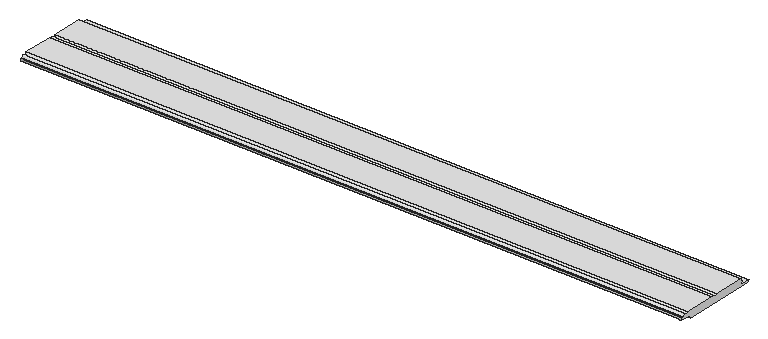
Revit family "3-CANVAS-CADS-14-STEALTH-BEADBOARD-REVISED-4-REVIT_Versatex-Generic-Model-STEALTH-BEADBOARD", category Generic Models, host Face, Revit 2026
Family settings
  Host = Face
  Can host rebar = No
  Round Connector Dimension = Use Diameter
  Part Type = Normal
  Cut with Voids When Loaded = No
  Maintain Annotation Orientation = No
  Shared = No
  Room Calculation Point = No
Parameters
  Width [instance] = 4' - 0"
  Warranty = "https://versatex.com/warranty/"
  URL = "https://versatex.com/"
  Specification = "https://www.arcat.com/company/versatex-45716/spec?coid=45716"
  Sales Information = "https://versatex.com/dealer-locator/"
  Model = "STBB120618"
  Message Manufacturer = "https://versatex.com/contact/"
  Material = Versatex PVC - Timber Ridge
  Manufacturer Website = "https://versatex.com/"
  Manufacturer Phone = "724-857-1111"
  Manufacturer Fax = "724-857-1171"
  Manufacturer Address = "400 Steel Street, Aliquippa, PA 15001"
  Manufacturer = "Versatex"
  Literature = "https://versatex.com/literature/?_sft_literature_category=cads"
  Description = "1/2\" x 6\" STEALTH BEADBOARD"
  Default Elevation = 4' - 0"
  Copyright = "© 2024 VERSATEX Building Products, LLC"
Reference planes (in)
  plane 1 "Center (Front/Back)": y = 0
  plane 2: z = 0
  plane 3 "Center (Left/Right)": x = 0
  plane 4: x = 24
  plane 5: x = -24
Forms (in)
  Sweep 1, solid, material "Versatex PVC - Timber Ridge" <- "Material"
    path origin (0, 6.02002, 0) x (-1, 0, 0) y (0, -1, 0)
      loop
        line (-24, 0) -> (24, 0)
    profile "Versatex_Profile_STEALTH BEADBOARD : Versatex_Profile_STEALTH BEADBOARD" origin (0, 6.02002, 0) x (0, -1, 0) y (0, 0, 1)
      loop
        line (0.63, 0.18667) -> (0, 0.18667) -> (0, 0.125) -> (0.125, 0) -> (5.21467, 0) -> (5.33967, 0.125) -> (5.33967, 0.18667) -> (5.99003, 0.18667)
        arc (5.99003, 0.18667) -> (6.02002, 0.24167) -> (5.99003, 0.29667) r 0.06544
        line (5.99003, 0.29667) -> (5.84633, 0.29667)
        arc (5.84633, 0.29667) -> (5.74843, 0.41705) -> (5.61032, 0.34632) r 0.12328
        line (5.61032, 0.34632) -> (5.50467, 0.5) -> (3.32088, 0.5) -> (3.22159, 0.37688)
        arc (3.22159, 0.37688) -> (3.10249, 0.465) -> (2.98231, 0.37836) r 0.1256
        line (2.98231, 0.37836) -> (2.88421, 0.5) -> (0.69833, 0.5) -> (0.56833, 0.31167) -> (0.63, 0.31167)
        arc (0.63, 0.31167) -> (0.69169, 0.24917) -> (0.63, 0.18667) r 0.06251
Dimensions and locks (in)
  "Width": plane 5 to plane 4
  equal spacing: plane 5, plane 3 "Center (Left/Right)", plane 4
  aligned and locked: plane 2 to host face
  aligned and locked: level to host face
Automatic sketch dimensions
  host sketch curve to host sketch curve = 8' - 0"  (x2)
  Sweep 1 sketch curve to plane 4 = 0' - 0"
  Sweep 1 sketch curve to plane 5 = 0' - 0"
  Sweep 1 sketch curve to plane 1 "Center (Front/Back)" = 0' - 6.02002"
